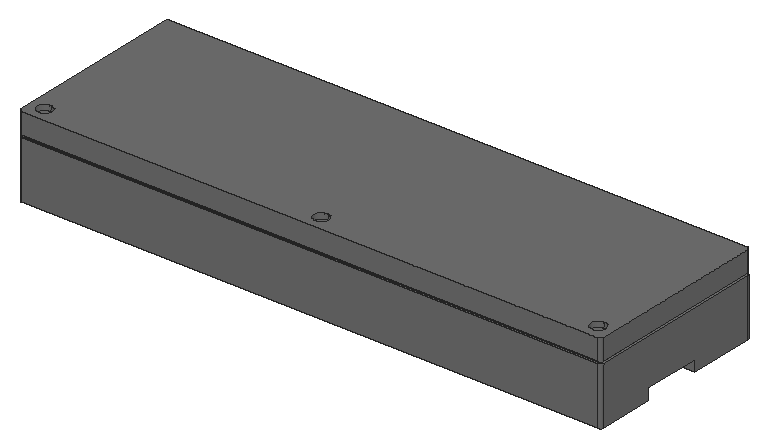
Revit family "Icon_Wiring Center_RFA", category Data Devices, host Face, Revit 2019
Family settings
  Host = Face
  Maintain Annotation Orientation = No
  Round Connector Dimension = Use Diameter
  Part Type = Normal
  Cut with Voids When Loaded = No
  Shared = No
  Room Calculation Point = No
Parameters (values of type "Icon_Wiring Center_230V")
  Weight = 0.15 kg  # constant formula
  W = 50.00 mm  # constant formula
  Voltage = 230 V  # constant formula
  URL = "https://store.danfoss.com/en/Climate-Solutions-for-heating/Hydronic-floor-heating/Room-controls/c/4212?q=%3Arelevance%3Adanfoss_producttypehierarchydesc%3ADanfoss+Icon%3Adanfoss_a2231389482%3AA2231_389482fce553a66d3814e1098ccae79fe0d05c%3Adanfoss_a2465409485%3AA2465_409485eb71c7789e0a488a34fe7dd8d7e3de5a&text="
  Rated Impulse Voltage = "4 kV"  # constant formula
  R1 = 2.00 mm
  Power Supply = "220-240 V AC"  # constant formula
  Power [instance] = 0 VA
  Output Voltage to Actuators = "230 V AC"  # constant formula
  Output Relay (Pump) = "230 V (Max. 100 W)"  # constant formula
  Output Relay (Boiler) = "Volt-free (Max. 2 A)"  # constant formula
  Output (Setback) = "230 V when active"  # constant formula
  Output (Cooling) = "230 V when active"  # constant formula
  Number of Actuator Output = "14"  # constant formula
  Model Type = "Icon_Wiring Center_230V"
  Model = "088U1040,088U1041,088U1042"
  Min Ambient Temperature = "0 °C"  # constant formula
  Max Number of Thermostats = "8"  # constant formula
  Max Number of Actuators = "14"  # constant formula
  Max Ambient Temperature = "50 °C"  # constant formula
  Manufacturer = "Danfoss"  # constant formula
  LOD 350 = not(LOD 200)  # yes
  LOD 200 = no
  L = 360.00 mm  # constant formula
  Input (Setback) = "External switch input (230 V rating)"  # constant formula
  Input (Cooling) = "External switch input (230 V rating)"  # constant formula
  IfcExportType = "Icon"  # constant formula
  IfcExportAs = "IfcElectricApplianceType"  # constant formula
  H = 115.00 mm  # constant formula
  Description = "Main Controller and Room Thermostat"  # constant formula
  Default Elevation = 1219.20 mm
  Control Polution Situation = "Degree 2"  # constant formula
  Body Material = Danfoss Plastic Dark Gray
  Ball Pressure Test = "75 °C"  # constant formula
Reference planes
  plane 1 "Center (Front/Back)": y = 0
  plane 2: z = 0
  plane 3 "Center (Left/Right)": x = 0
  plane 4: x = 180
  plane 5: x = -180
  plane 6: y = 57.5
  plane 7: y = -57.5
  plane 8: y = 58
  plane 9: x = -164.5
  plane 10: y = -58
  plane 11: x = 164.5
  plane 12 "Face": z = 50
  plane 13 "w1": z = 37
  plane 14: y = 42.5
  plane 15: y = -42.5
  plane 16: y = 42
  plane 17: y = -42
  plane 18: x = 170
  plane 19: x = 156
  plane 20: x = 67
  plane 21: x = 81
  plane 22: z = 35.5
  plane 23: z = 47
  plane 24: y = -48.5
Forms (mm)
  Extrusion 1, solid, material "Danfoss Plastic Dark Gray" <- "Body Material", visible <- "LOD 350", detail levels fine
    sketch origin (0, 0, 0) x (1, 0, 0) y (0, 1, 0)
      loop
        line (-180, 55.5) -> (-180, -55.5)
        arc (-180, -55.5) -> (-179.414, -56.914) -> (-178, -57.5) r 2
        line (-178, -57.5) -> (178, -57.5)
        arc (178, -57.5) -> (179.414, -56.914) -> (180, -55.5) r 2
        line (180, -55.5) -> (180, 55.5)
        arc (180, 55.5) -> (179.414, 56.914) -> (178, 57.5) r 2
        line (178, 57.5) -> (-178, 57.5)
        arc (-178, 57.5) -> (-179.414, 56.914) -> (-180, 55.5) r 2
    from 0 to 35.5
  Extrusion 2, solid, material "Danfoss Plastic Dark Gray" <- "Body Material", visible <- "LOD 350", detail levels fine
    sketch origin (0, 0, 0) x (1, 0, 0) y (0, 1, 0)
      loop
        line (-180, 55.5) -> (-180, -55.5)
        arc (-180, -55.5) -> (-179.414, -56.914) -> (-178, -57.5) r 2
        line (-178, -57.5) -> (178, -57.5)
        arc (178, -57.5) -> (179.414, -56.914) -> (180, -55.5) r 2
        line (180, -55.5) -> (180, 55.5)
        arc (180, 55.5) -> (179.414, 56.914) -> (178, 57.5) r 2
        line (178, 57.5) -> (-178, 57.5)
        arc (-178, 57.5) -> (-179.414, 56.914) -> (-180, 55.5) r 2
    from 37 to 50
  Extrusion 3, solid, material "Danfoss Plastic Dark Gray" <- "Body Material", visible <- "LOD 200", detail levels fine
    sketch origin (0, 0, 0) x (1, 0, 0) y (0, 1, 0)
      loop
        line (180, 57.5) -> (-180, 57.5) -> (-180, -57.5) -> (180, -57.5) -> (180, 57.5)
    from 0 to 50
  Extrusion 4, solid, material "Danfoss Plastic Dark Gray" <- "Body Material", detail levels coarse+medium
    sketch origin (0, 0, 0) x (1, 0, 0) y (0, 1, 0)
      loop
        line (-180, 57.5) -> (-180, -57.5) -> (180, -57.5) -> (180, 57.5) -> (-180, 57.5)
    from 0 to 50
  Extrusion 5, solid, material "Danfoss Plastic Dark Gray" <- "Body Material", visible <- "LOD 350", detail levels fine
    sketch origin (0, 0, 0) x (0, 1, 0) y (0, 0, 1)
      loop
        line (56.045, 37) -> (-56.045, 37) -> (-56.045, 35.5) -> (56.045, 35.5) -> (56.045, 37)
    from -178.846 to 178.686
  Extrusion 6, void
    sketch origin (0, 0, 37) x (0, -1, 0) y (1, 0, 0)
      loop
        circle (48.5, 0) r 4.6
      loop
        circle (48.5, 171.079) r 4.6
      loop
        circle (48.5, -170.932) r 4.6
    from 10 to 52
  Extrusion 7, void
    sketch origin (0, 0, 0) x (0, 1, 0) y (0, 0, 1)
      loop
        line (14.641, 7) -> (-21.604, 7) -> (-21.604, 0) -> (14.641, 0) -> (14.641, 7)
    from -231.271 to 214.182
Cuts and joins
  Extrusion 7 cuts Extrusion 1
  Extrusion 6 cuts Extrusion 2
Dimensions and locks
  "L": plane 5 to plane 4
  "H": plane 7 to plane 6
  equal spacing: plane 7, plane 1 "Center (Front/Back)", plane 6
  equal spacing: plane 5, plane 3 "Center (Left/Right)", plane 4
  "W": plane 12 "Face" to level
  plane 12 "Face" to plane 13 "w1" = 13.00 mm
  plane 13 "w1" to level = 37.00 mm
  plane 18 to plane 4 = 10.00 mm
  locked: plane 12 "Face" to plane 13 "w1" at 13
  locked: plane 13 "w1" to plane 22 at 1.5
  plane 12 "Face" to plane 23 = 3.00 mm
  "R1": radius of Extrusion 1 sketch curve  (x3)
  radius of Extrusion 1 sketch curve = 2.00 mm
  radius of Extrusion 6 sketch curve = 4.60 mm  (x3)
  aligned and locked: plane 2 to host face
  aligned and locked: level to host face
  aligned and locked: Extrusion 1 sketch curve to plane 5
  aligned and locked: Extrusion 1 sketch curve to plane 7
  aligned and locked: Extrusion 1 sketch curve to plane 6
  aligned and locked: Extrusion 1 sketch curve to plane 4
  aligned and locked: Extrusion 2 sketch curve to Extrusion 1  (x4)
  aligned and locked: Extrusion 3 sketch curve to plane 6
  aligned and locked: Extrusion 3 sketch curve to plane 5
  aligned and locked: Extrusion 3 sketch curve to plane 7
  aligned and locked: Extrusion 3 sketch curve to plane 4
  aligned and locked: Extrusion 4 sketch curve to plane 5
  aligned and locked: Extrusion 4 sketch curve to plane 7
  aligned and locked: Extrusion 4 sketch curve to plane 4
  aligned and locked: Extrusion 2 to plane 13 "w1"
  aligned and locked: plane 12 "Face" to Extrusion 2
  aligned and locked: plane 22 to Extrusion 1
  aligned and locked: plane 13 "w1" to Extrusion 5 sketch curve
  aligned and locked: plane 22 to Extrusion 5 sketch curve
  aligned and locked: plane 12 "Face" to Extrusion 4
  aligned and locked: plane 12 "Face" to Extrusion 3
  aligned and locked: plane 3 "Center (Left/Right)" to Extrusion 6 sketch curve
  aligned and locked: plane 24 to Extrusion 6 sketch curve  (x3)
  aligned and locked: Extrusion 6 to plane 23
  aligned and locked: Extrusion 7 sketch curve to level
Automatic sketch dimensions
  plane 6 to Extrusion 5 sketch curve = 1.455 mm
  Extrusion 5 sketch curve to plane 7 = 1.455 mm
  host sketch curve to host sketch curve = 1600.00 mm  (x2)
  plane 6 to Extrusion 4 sketch curve = 0.00 mm
  Extrusion 6 sketch curve to plane 9 = 6.432 mm
  plane 18 to Extrusion 6 sketch curve = 1.079 mm
  level to Extrusion 7 sketch curve = 7.00 mm
  Extrusion 7 sketch curve to plane 17 = 20.396 mm
  Extrusion 7 sketch curve to plane 1 "Center (Front/Back)" = 14.641 mm
Connectors
  electrical at (0, 0, 0), driven by "Voltage", driven by "Power"
    settings: index 1, voltage 230 V, apparent load 0 VA, apparent load phase1 0 VA, apparent load phase2 0 VA, apparent load phase3 0 VA, power factor 0.95, load classification "Other", number of poles 1, system type 31, power factor state 1, is connector primary yes, connector utility no, sub classification motor no, connector description ""
